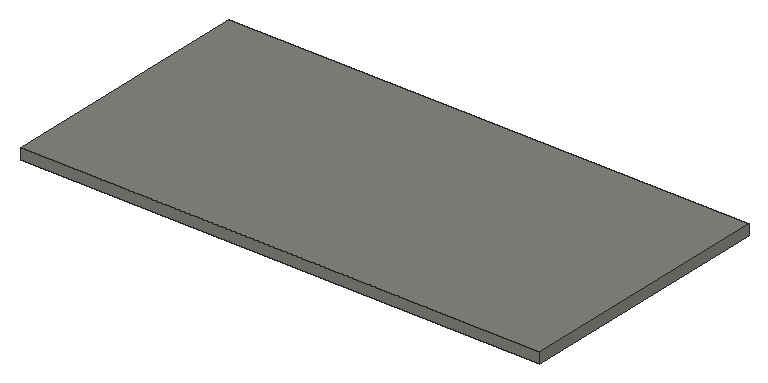
Revit family "Armatherm500_US", category Specialty Equipment, host Face, Revit 2025
Family settings
  Host = Face
  Round Connector Dimension = Use Diameter
  Part Type = Normal
  Enable Cutting in Views = No
  Cut with Voids When Loaded = No
  Maintain Annotation Orientation = No
  Shared = No
  Room Calculation Point = No
Parameters (values of type "500-280")
  _ObjectUserGuide = ""
  _DistributedBy = "www.bimstore.co"
  _CurrentRevision = 1
  _CreatedBy = "www.bimstore.co"
  _BimSpecGuid = 0
  _BSBibleVersion = 16
  _AuthorizedBy = "bimstore"
  _Author = "AM"
  WarrantyStartDate [instance] = "Please record on commissioning"
  WarrantyGuarantorParts = "sales@armatherm.com"
  WarrantyGuarantorLabor = "sales@armatherm.com"
  WarrantyDurationUnit = "Year"
  WarrantyDurationParts = "0"
  WarrantyDurationLabor = "0"
  WarrantyDescription = "n/a"
  Thickness = 50.80 mm
  ThermalConductivity = "0.53 BTU in/hr ft2 F"
  ThermalBreakMaterial = Armadillo_ThermalBreakMaterial_Armatherm500-280
  RValuePerInch = "1.9"
  Product data url = "https://www.bimobject.com/armatherm/product/armatherm-500-series"
  NBSOfficeMasterTag = "n/a"
  URL = "https://www.armatherm.com/"
  TypeName = Type Comments  # "Thermal break"
  Type Comments = "Thermal break"
  SpareParts = "n/a"
  Size = "n/a"
  Shape = "n/a"
  SerialNumber [instance] = "Please record on commissioning"
  ReplacementCost = "n/a"
  ReferencedStandard = "n/a"
  ProductionYear = "2020"
  NominalDepth [instance] = Depth  # 1219.20 mm
  NBSReference = "45-75-42/399"
  NBSObjectName = "Armadillo Thermal break connection plates"
  NBSNote = ""
  NBSDescription = "Thermal break connection plates"
  ModelReference = Type Comments  # "Thermal break"
  ModelNumber = Model  # "Armatherm 500"
  Model = "Armatherm 500"
  MinimumOperatingTemperature = "-300°F"
  MaximumOperatingTemperature = "+175°F"
  Material = "High strength polyurethane"
  ManufacturerName = "Armadillo"
  Manufacturer = "Armadillo"
  Length [instance] = 2438.40 mm
  Keynote = "G"
  InstallationDate [instance] = "Please record on commissioning"
  IfcExportType = "INSULATION"
  IfcExportAs = "IfcCoveringType"
  Grade = "n/a"
  Finish = "n/a"
  Features = "n/a"
  ExpectedLife = 0
  DurationUnit = "Year"
  DocumentationTechnical = "https://www.bimstore.co/products/armatherm-500-thermal-break/document/technical-data-sheet"
  DocumentationMaintenance = "https://www.armatherm.com/"
  DocumentationLiterature = "https://www.bimstore.co/products/armatherm-500-thermal-break/document/product-literature"
  DocumentationInstallationGuide = "https://www.armatherm.com/"
  DocumentationCertificates = "https://www.armatherm.com/"
  Description = "Armatherm™ 500 is a high strength, polyurethane material made in several densities to support a wide range of loading conditions. Due to it’s closed cell structure, it does not absorb water or moisture and has limited creep under continuous load. The material is thermoset, does not melt and is flame resistant making it an ideal material for use in structural thermal break connections."
  Depth [instance] = 1219.20 mm
  CreatedOn = "2020-01-01 T09:00:00"
  CreatedBy = "sales@armatherm.com"
  NominalLength [instance] = Length  # 2438.40 mm
  NominalHeight = Thickness  # 50.80 mm
  Default Elevation = 1200.00 mm
  Constituents = "n/a"
  CompressiveStress = "PSI 2150"
  CompressiveModulus = "PSI 49,300"
  Color = "n/a"
  CodePerformance = "n/a"
  ClassificationValue = "Pr_35_90_15_89"
  ClassificationName = "Uniclass2015"
  BarCode [instance] = "Please record on commissioning"
  BIMObjectName = "Armadillo_ThermalBreakMaterial_Armatherm500_490"
  AssetType = "Fixed"
  AssetIdentifier [instance] = "Please record on commissioning"
  Assembly Code = "B"
  Area [instance] = Length * Depth  # 2.9729 m²
  AccessibilityPerformance = "n/a"
Types (4, lengths in mm): name | ThermalConductivity | ThermalBreakMaterial | RValuePerInch | CompressiveStress | CompressiveModulus | BIMObjectName
  (no name) | "0.53 BTU in/hr ft2 F" | Armadillo_ThermalBreakMaterial_Armatherm500-280 | "1.9" | "PSI 2150" | "PSI 49,300" | "Armadillo_ThermalBreakMaterial_Armatherm500_490"
  500-150 | "0.32 BTU in/hr ft2 F" | Armadillo_ThermalBreakMaterial_Armatherm500-200 | "3.1" | "PSI 560" | "PSI 18,130" | "Armadillo_ThermalBreakMaterial_Armatherm500_250"
  500-200 | "0.39 BTU in/hr ft2 F" | Armadillo_ThermalBreakMaterial_Armatherm500-200 | "2.6" | "PSI 1100" | "PSI 29,000" | "Armadillo_ThermalBreakMaterial_Armatherm500_320"
  500-280 | "0.53 BTU in/hr ft2 F" | Armadillo_ThermalBreakMaterial_Armatherm500-280 | "1.9" | "PSI 2150" | "PSI 49,300" | "Armadillo_ThermalBreakMaterial_Armatherm500_490"
Reference planes
  plane 1 "Center (Front/Back)": y = 0
  plane 2: z = 0
  plane 3 "Center (Left/Right)": x = 0
  plane 4: x = -1219.2
  plane 5: x = 1219.2
  plane 6: y = -554.362
  plane 7: y = 664.838
  plane 8: z = 50.8
Forms (mm)
  Extrusion 1, solid, material "Armadillo_ThermalBreakMaterial_Armatherm500-280" <- "ThermalBreakMaterial"
    sketch origin (0, 0, 109) x (0, 1, 0) y (-1, 0, 0)
      loop
        line (664.838, 1219.2) -> (-554.362, 1219.2) -> (-554.362, -1219.2) -> (664.838, -1219.2) -> (664.838, 1219.2)
    from -109 to -58.2
Dimensions and locks
  plane 7 to plane 1 "Center (Front/Back)" to plane 6 = 664.838 mm, 554.362 mm
  "Depth": plane 7 to plane 6
  equal spacing: plane 4, plane 3 "Center (Left/Right)", plane 5
  "Length": plane 4 to plane 5
  "Thickness": plane 8 to level
  aligned and locked: plane 2 to host face
  aligned and locked: level to host face
  aligned and locked: Extrusion 1 sketch curve to plane 7
  aligned and locked: plane 4 to Extrusion 1 sketch curve
  aligned and locked: plane 6 to Extrusion 1 sketch curve
  aligned and locked: Extrusion 1 sketch curve to plane 5
  aligned and locked: Extrusion 1 to level
  aligned and locked: Extrusion 1 to plane 8
Automatic sketch dimensions
  host sketch curve to host sketch curve = 2500.00 mm  (x2)
